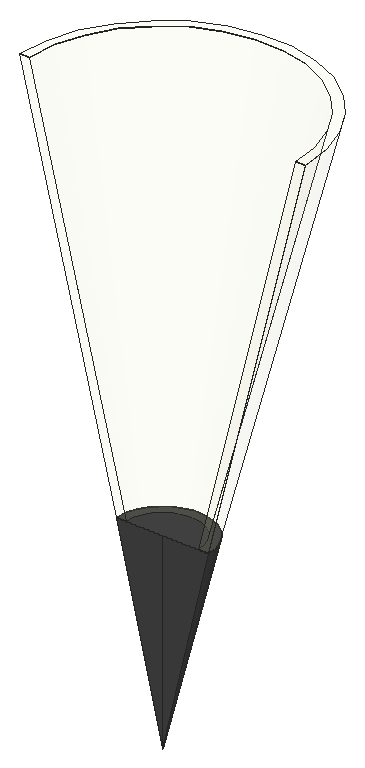
Revit family
Parameters (values of type "R75*H300")
  Wattage = 60 W
  built-in parameter 1150110 = 1 (stored number, unit not read)
  built-in parameter 1114217 = 1 (stored number, unit not read)
  built-in parameter 1150109 = 1 (stored number, unit not read)
  built-in parameter 1150134 = 4
  built-in parameter 1150113 = 1 (stored number, unit not read)
  Manufacturer = ""
  built-in parameter 1150115 = 1 (stored number, unit not read)
  built-in parameter 1150105 = 229.18 (stored number, unit not read)
  Light Source Symbol Size = 609.6 mm
  built-in parameter 1150137 = (empty or 0)
  built-in parameter 1150139 = (empty or 0)
  built-in parameter 1150112 = 1 (stored number, unit not read)
  built-in parameter 1150114 = 1 (stored number, unit not read)
  Lamp = ""
  Model = ""
  Lumens = 720 lm
  장착 높이 = 1500 mm
  조명 상자 재료2 = 검은색 금속
  조명 상자 재료1 = 파스텔 노란색 유리
  Wattage Comments = "60"
  built-in parameter 1150132 = (empty or 0)
  built-in parameter 1150102 = (empty or 0)
  built-in parameter 1150138 = (empty or 0)
  built-in parameter 1150107 = 2800 (stored number, unit not read)
  built-in parameter 1150106 = 2.2918 (stored number, unit not read)
  높이 = 유리 높이 + 100 mm  # 300 mm
  유리 높이 = 200 mm
  조명 반지름 = 75 mm
  built-in parameter 1150104 = 1.1148 (stored number, unit not read)
  Dimming Lamp Color Temperature Shift = (empty or 0)
  Color Filter = 16777215
  built-in parameter 1114218 = 1 (stored number, unit not read)
  built-in parameter 1150133 = 10 (stored number, unit not read)
Types (4, lengths in mm): name | 높이 | 유리 높이 | 조명 반지름
  (no name) | 300 | 200 | 75
  R65*H270 | 270 | 170 | 65
  R70*H280 | 280 | 180 | 70
  R75*H300 | 300 | 200 | 75
Reference planes
  plane 1: y = 0
  plane 2 "광원 축": x = 0
  plane 3: z = 1580
  plane 4 "조명원 높이값": z = 1500
  plane 5 "광원 축": y = 76.2
  plane 6: y = 76.2
Forms (mm)
  Revolve 1, solid, material "파스텔 노란색 유리" <- "조명 상자 재료1"
    sketch origin (-1524, 76.2, 0) x (-1, 0, 0) y (0, 0, 1)
      loop
        line (-1593.857, 1580) -> (-1599, 1580) -> (-1548.074, 1380) -> (-1542.931, 1380) -> (-1593.857, 1580)
      axis (-1524, 1580) -> (-1524, 1380)
    angle from 180 to 360
  Revolve 2, solid, material "검은색 금속" <- "조명 상자 재료2"
    sketch origin (-1524, 76.2, 100) x (-1, 0, 0) y (0, 0, 1)
      loop
        line (-1524, 1280) -> (-1548.074, 1280) -> (-1524, 1180) -> (-1524, 1280)
      axis (-1524, 1280) -> (-1524, 1180)
    angle from 0 to -180
Lines and regions (mm)
  model lines, style "InvisibleLines"
    curve 1: line (0, 76.2, 1915) -> (0, 76.2, 0)
Text (mm)
  text "앞면" at (0, 1019.848, 3124.603), in view "오른쪽"
  text "앞면" at (-641.454, 723.012, 0), in view "바닥 선"
  text "앞면" at (0, 977.893, 2611.958), in view "왼쪽"
Dimensions and locks
  locked: plane 4 "조명원 높이값" to plane 3 at 80
  "장착 높이": level to plane 4 "조명원 높이값"
  "조명 반지름": Revolve 1 sketch curve to plane 2 "광원 축"
  locked: Revolve 2 sketch curve to Revolve 2 sketch curve at 100
  "유리 높이": Revolve 1 sketch curve to Revolve 1 sketch curve
  aligned and locked: Revolve 2 sketch curve to Revolve 1
  aligned and locked: plane 3 to Revolve 1
  aligned and locked: imposter light to plane 2 "광원 축"
  aligned and locked: plane 5 "광원 축" to imposter light  (x2)
  aligned and locked: plane 6 to host wall
  aligned and locked: plane 6 to plane 5 "광원 축"
Automatic sketch dimensions
  curve 1 to plane 2 "광원 축" = 0 mm
  curve 1 to level = 0 mm
  curve 1 to plane 3 = 335 mm
  Revolve 1 sketch curve to plane 3 = 0 mm
  Revolve 1 sketch curve to plane 2 "광원 축" = 0 mm
  Revolve 1 sketch curve to Revolve 1 sketch curve = 5.143 mm  (x2)
  plane 2 "광원 축" to Revolve 1 sketch curve = 24.074 mm
  Revolve 1 sketch curve to Revolve 1 sketch curve = 70 mm
  Revolve 1 sketch curve to plane 3 = 50 mm
  Revolve 2 sketch curve to plane 2 "광원 축" = 0 mm  (x2)
  plane 2 "광원 축" to Revolve 2 sketch curve = 24.074 mm
  Revolve 2 sketch curve to Revolve 2 sketch curve = 63.557 mm
  Revolve 2 sketch curve to Revolve 2 sketch curve = 1.443 mm
